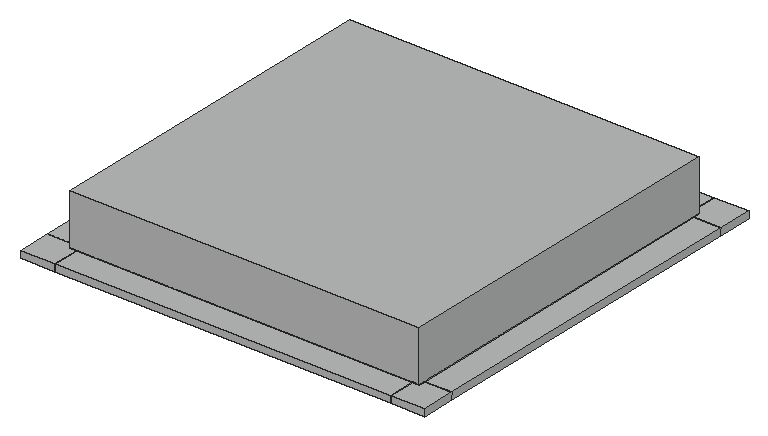
Revit family "ALUMOGIPS", category Осветительные приборы, Revit 2019 (continued)
Types (72, lengths in mm): name | Файл фотометрической сетки | built-in parameter 1150105 | Lumens | built-in parameter 1150106 | built-in parameter 1150142 | Wattage | Emit from Rectangle Width | Emit from Rectangle Length | Длина | Материал светильника | Ширина | ADSK_Ток | ADSK_Полная мощность | ADSK_Обозначение | ADSK_Номинальная мощность | ADSK_Наименование | ADSK_Масса | ADSK_Код изделия
     0.098 0.098 0.098 0.098 0.098 0.098 0.098 0.000 0.000 0.000 0.000 \r\n1417.637 1418.525 1416.551 1412.506 1405.994 1396.621 1384.781 1369.783 1352.419 1332.587 1311.077 1287.003 1261.053 1233.427 1203.827 1172.549 1139.497 1104.963 \r\n1069.345 1032.345 994.260 954.892 914.932 873.887 832.152 789.824 747.101 704.082 660.176 616.565 572.462 527.864 484.254 439.855 395.849 352.337 309.714 268.076 227.722 188.157 \r\n148.295 112.578 78.933 47.360 19.042 0.592 0.592 0.493 0.493 0.493 0.493 0.493 0.493 0.493 0.493 0.395 0.395 0.395 0.395 0.395 0.395 0.395 0.395 0.296 0.296 0.296 0.296 0.296 0.296 0.296 0.296 0.197 \r\n0.197 0.197 0.197 0.197 0.197 0.197 0.197 0.098 0.098 0.098 0.098 0.098 0.098 0.098 0.098 0.000 0.000 0.000 0.000 \r\n1417.637 1418.525 1416.453 1412.309 1405.796 1396.325 1384.485 1369.388 1352.024 1332.192 1310.584 1286.509 1260.560 1232.835 1203.235 1171.958 1138.905 1104.371 \r\n1068.654 1031.655 993.569 954.202 914.143 873.098 831.460 789.133 746.410 703.392 659.485 615.874 571.870 527.273 483.662 439.262 395.257 351.844 309.319 267.583 227.229 187.762 \r\n148.000 112.282 78.637 47.163 18.845 0.592 0.592 0.493 0.493 0.493 0.493 0.493 0.493 0.493 0.493 0.395 0.395 0.395 0.395 0.395 0.395 0.395 0.395 0.296 0.296 0.296 0.296 0.296 0.296 0.296 0.296 0.197 \r\n0.197 0.197 0.197 0.197 0.197 0.197 0.197 0.098 0.098 0.098 0.098 0.098 0.098 0.098 0.098 0.000 0.000 0.000 0.000 \r\n1417.637 1418.426 1416.354 1412.211 1405.501 1396.029 1384.090 1369.093 1351.629 1331.797 1310.189 1286.016 1259.968 1232.341 1202.643 1171.366 1138.214 1103.680 \r\n1068.062 1030.964 992.878 953.511 913.452 872.407 830.770 788.442 745.818 702.799 658.893 615.283 571.179 526.680 483.070 438.769 394.763 351.350 308.826 267.188 226.834 187.466 \r\n147.703 111.987 78.440 46.866 18.648 0.592 0.592 0.493 0.493 0.493 0.493 0.493 0.493 0.493 0.493 0.395 0.395 0.395 0.395 0.395 0.395 0.395 0.395 0.296 0.296 0.296 0.296 0.296 0.296 0.296 0.296 0.197 \r\n0.197 0.197 0.197 0.197 0.197 0.197 0.197 0.098 0.098 0.098 0.098 0.098 0.098 0.098 0.098 0.000 0.000 0.000 0.000 \r\n1417.637 1418.426 1416.255 1412.013 1405.303 1395.831 1383.794 1368.698 1351.234 1331.304 1309.696 1285.522 1259.474 1231.750 1202.051 1170.675 1137.622 1103.089 \r\n1067.372 1030.273 992.188 952.820 912.762 871.716 830.079 787.751 745.127 702.109 658.202 614.593 570.587 526.088 482.478 438.177 394.171 350.857 308.332 266.793 226.439 187.071 \r\n147.309 111.690 78.144 46.670 18.451 0.592 0.592 0.493 0.493 0.493 0.493 0.493 0.493 0.493 0.493 0.395 0.395 0.395 0.395 0.395 0.395 0.395 0.395 0.296 0.296 0.296 0.296 0.296 0.296 0.296 0.296 0.197 \r\n0.197 0.197 0.197 0.197 0.197 0.197 0.197 0.098 0.098 0.098 0.098 0.098 0.098 0.098 0.098 0.000 0.000 0.000 0.000 \r\n1417.637 1418.327 1416.156 1411.816 1405.106 1395.535 1383.498 1368.304 1350.839 1330.909 1309.203 1285.029 1258.981 1231.256 1201.459 1170.083 1137.030 1102.398 \r\n1066.680 1029.681 991.497 952.129 912.071 871.026 829.388 787.061 744.437 701.418 657.512 613.901 569.995 525.398 481.886 437.585 393.678 350.364 307.938 266.300 226.044 186.676 \r\n147.012 111.493 77.848 46.472 18.154 0.592 0.592 0.493 0.493 0.493 0.493 0.493 0.493 0.493 0.493 0.395 0.395 0.395 0.395 0.395 0.395 0.395 0.395 0.296 0.296 0.296 0.296 0.296 0.296 0.296 0.296 0.197 \r\n0.197 0.197 0.197 0.197 0.197 0.197 0.197 0.098 0.098 0.098 0.098 0.098 0.098 0.098 0.098 0.000 0.000 0.000 0.000 \r\n1417.637 1418.327 1416.058 1411.716 1404.810 1395.240 1383.202 1367.909 1350.445 1330.514 1308.808 1284.536 1258.488 1230.664 1200.867 1169.491 1136.339 1101.806 \r\n1066.089 1028.991 990.807 951.438 911.381 870.335 828.698 786.370 743.746 700.728 656.920 613.310 569.304 524.806 481.294 437.091 393.185 349.871 307.444 265.905 225.650 186.381 \r\n146.717 111.197 77.650 46.176 17.957 0.592 0.592 0.493 0.493 0.493 0.493 0.493 0.493 0.493 0.493 0.395 0.395 0.395 0.395 0.395 0.395 0.395 0.395 0.296 0.296 0.296 0.296 0.296 0.296 0.296 0.296 0.197 \r\n0.197 0.197 0.197 0.197 0.197 0.197 0.197 0.098 0.098 0.098 0.098 0.098 0.098 0.098 0.098 0.000 0.000 0.000 0.000 \r\n1417.637 1418.229 1415.960 1411.519 1404.613 1394.943 1382.807 1367.612 1350.051 1330.119 1308.315 1284.043 1257.896 1230.072 1200.275 1168.899 1135.748 1101.116 \r\n1065.398 1028.300 990.115 950.748 910.689 869.644 828.007 785.679 743.056 700.037 656.229 612.619 568.713 524.214 480.702 436.499 392.593 349.377 306.951 265.511 225.255 185.986 \r\n146.421 110.901 77.355 45.978 17.759 0.592 0.592 0.493 0.493 0.493 0.493 0.493 0.493 0.493 0.493 0.395 0.395 0.395 0.395 0.395 0.395 0.395 0.395 0.296 0.296 0.296 0.296 0.296 0.296 0.296 0.296 0.197 \r\n0.197 0.197 0.197 0.197 0.197 0.197 0.197 0.098 0.098 0.098 0.098 0.098 0.098 0.098 0.098 0.000 0.000 0.000 0.000 \r\n1417.637 1418.229 1415.861 1411.421 1404.415 1394.746 1382.512 1367.219 1349.656 1329.626 1307.821 1283.549 1257.403 1229.579 1199.782 1168.209 1135.155 1100.523 \r\n1064.708 1027.609 989.425 950.057 909.998 868.855 827.317 784.989 742.365 699.347 655.538 611.928 568.021 523.622 480.110 436.006 392.100 348.884 306.556 265.017 224.860 185.591 \r\n146.026 110.605 77.157 45.781 17.464 0.592 0.592 0.493 0.493 0.493 0.493 0.493 0.493 0.493 0.493 0.395 0.395 0.395 0.395 0.395 0.395 0.395 0.395 0.296 0.296 0.296 0.296 0.296 0.296 0.296 0.296 0.197 \r\n0.197 0.197 0.197 0.197 0.197 0.197 0.197 0.098 0.098 0.098 0.098 0.098 0.098 0.098 0.098 0.000 0.000 0.000 0.000 \r\n1417.637 1418.130 1415.762 1411.223 1404.218 1394.450 1382.216 1366.824 1349.261 1329.231 1307.427 1283.056 1256.910 1228.987 1199.190 1167.616 1134.563 1099.833 \r\n1064.016 1026.918 988.833 949.367 909.308 868.165 826.625 784.298 741.674 698.656 654.946 611.336 567.430 523.030 479.518 435.414 391.606 348.391 306.063 264.623 224.465 185.196 \r\n145.730 110.309 76.861 45.485 17.266 0.592 0.592 0.493 0.493 0.493 0.493 0.493 0.493 0.493 0.493 0.395 0.395 0.395 0.395 0.395 0.395 0.395 0.395 0.296 0.296 0.296 0.296 0.296 0.296 0.296 0.296 0.197 \r\n0.197 0.197 0.197 0.197 0.197 0.197 0.197 0.098 0.098 0.098 0.098 0.098 0.098 0.098 0.098 0.000 0.000 0.000 0.000 \r\n1417.637 1418.130 1415.565 1411.026 1403.922 1394.154 1381.919 1366.527 1348.866 1328.837 1306.933 1282.563 1256.416 1228.494 1198.597 1167.024 1133.873 1099.241 \r\n1063.425 1026.228 988.143 948.676 908.519 867.474 825.935 783.608 740.983 698.064 654.256 610.646 566.739 522.438 478.926 434.822 391.014 347.897 305.569 264.229 224.072 184.901 \r\n145.434 110.013 76.565 45.288 17.069 0.592 0.592 0.493 0.493 0.493 0.493 0.493 0.493 0.493 0.493 0.395 0.395 0.395 0.395 0.395 0.395 0.395 0.395 0.296 0.296 0.296 0.296 0.296 0.296 0.296 0.296 0.197 \r\n0.197 0.197 0.197 0.197 0.197 0.197 0.197 0.098 0.098 0.098 0.098 0.098 0.098 0.098 0.098 0.000 0.000 0.000 0.000 \r\n1417.637 1418.031 1415.466 1410.928 1403.725 1393.858 1381.524 1366.133 1348.472 1328.443 1306.440 1282.070 1255.824 1227.901 1198.006 1166.433 1133.280 1098.550 \r\n1062.735 1025.537 987.451 947.887 907.829 866.784 825.244 782.916 740.293 697.373 653.565 610.053 566.147 521.747 478.334 434.328 390.521 347.404 305.175 263.735 223.677 184.506 \r\n145.039 109.717 76.368 44.992 16.871 0.592 0.592 0.493 0.493 0.493 0.493 0.493 0.493 0.493 0.493 0.395 0.395 0.395 0.395 0.395 0.395 0.395 0.395 0.296 0.296 0.296 0.296 0.296 0.296 0.296 0.296 0.197 \r\n0.197 0.197 0.197 0.197 0.197 0.197 0.197 0.098 0.098 0.098 0.098 0.098 0.098 0.098 0.098 0.000 0.000 0.000 0.000 \r\n1417.637 1418.031 1415.368 1410.730 1403.527 1393.562 1381.229 1365.738 1348.077 1327.949 1306.045 1281.575 1255.331 1227.310 1197.414 1165.841 1132.689 1097.958 \r\n1062.043 1024.846 986.761 947.196 907.137 866.092 824.554 782.226 739.602 696.683 652.973 609.363 565.456 521.155 477.742 433.737 390.028 346.910 304.681 263.341 223.282 184.111 \r\n144.743 109.421 76.072 44.794 16.576 0.592 0.592 0.493 0.493 0.493 0.493 0.493 0.493 0.493 0.493 0.395 0.395 0.395 0.395 0.395 0.395 0.395 0.395 0.296 0.296 0.296 0.296 0.296 0.296 0.296 0.296 0.197 \r\n0.197 0.197 0.197 0.197 0.197 0.197 0.197 0.098 0.098 0.098 0.098 0.098 0.098 0.098 0.098 0.000 0.000 0.000 0.000 \r\n1417.637 1417.932 1415.268 1410.533 1403.232 1393.365 1380.933 1365.443 1347.682 1327.555 1305.552 1281.082 1254.837 1226.816 1196.821 1165.150 1131.998 1097.267 \r\n1061.452 1024.254 986.070 946.506 906.447 865.401 823.863 781.535 738.912 695.991 652.282 608.672 564.864 520.563 477.150 433.145 389.436 346.417 304.287 262.946 222.887 183.815 \r\n144.448 109.125 75.874 44.597 16.378 0.592 0.592 0.493 0.493 0.493 0.493 0.493 0.493 0.493 0.493 0.395 0.395 0.395 0.395 0.395 0.395 0.395 0.395 0.296 0.296 0.296 0.296 0.296 0.296 0.296 0.296 0.197 \r\n0.197 0.197 0.197 0.197 0.197 0.197 0.197 0.098 0.098 0.098 0.098 0.098 0.098 0.098 0.098 0.000 0.000 0.000 0.000 \r\n1417.637 1417.932 1415.170 1410.434 1403.034 1393.069 1380.636 1365.048 1347.287 1327.160 1305.157 1280.589 1254.344 1226.225 1196.230 1164.558 1131.406 1096.675 \r\n1060.761 1023.564 985.380 945.815 905.756 864.613 823.173 780.845 738.221 695.301 651.592 608.080 564.174 519.971 476.558 432.652 388.943 345.924 303.794 262.453 222.492 183.420 \r\n144.151 108.829 75.579 44.301 16.181 0.592 0.592 0.493 0.493 0.493 0.493 0.493 0.493 0.493 0.493 0.395 0.395 0.395 0.395 0.395 0.395 0.395 0.395 0.296 0.296 0.296 0.296 0.296 0.296 0.296 0.296 0.197 \r\n0.197 0.197 0.197 0.197 0.197 0.197 0.197 0.098 0.098 0.098 0.098 0.098 0.098 0.098 0.098 0.000 0.000 0.000 0.000 \r\n1417.637 1417.834 1415.071 1410.237 1402.837 1392.772 1380.243 1364.653 1346.892 1326.765 1304.664 1280.096 1253.752 1225.730 1195.638 1163.965 1130.814 1095.984 \r\n1060.071 1022.873 984.689 945.124 905.066 863.922 822.482 780.154 737.531 694.610 651.000 607.390 563.581 519.379 475.966 432.059 388.350 345.431 303.300 262.058 222.098 183.026 \r\n143.757 108.533 75.282 44.104 15.983 0.592 0.592 0.493 0.493 0.493 0.493 0.493 0.493 0.493 0.493 0.395 0.395 0.395 0.395 0.395 0.395 0.395 0.395 0.296 0.296 0.296 0.296 0.296 0.296 0.296 0.296 0.197 \r\n0.197 0.197 0.197 0.197 0.197 0.197 0.197 0.098 0.098 0.098 0.098 0.098 0.098 0.098 0.098 0.000 0.000 0.000 0.000 \r\n1417.637 1417.834 1414.973 1410.138 1402.541 1392.477 1379.946 1364.258 1346.499 1326.272 1304.171 1279.603 1253.259 1225.139 1195.045 1163.374 1130.123 1095.393 \r\n1059.478 1022.183 983.999 944.433 904.375 863.231 821.792 779.464 736.840 693.920 650.309 606.699 562.891 518.787 475.374 431.566 387.857 344.937 302.906 261.663 221.703 182.730 \r\n143.461 108.237 75.085 43.906 15.688 0.592 0.592 0.493 0.493 0.493 0.493 0.493 0.493 0.493 0.493 0.395 0.395 0.395 0.395 0.395 0.395 0.395 0.395 0.296 0.296 0.296 0.296 0.296 0.296 0.296 0.296 0.197 \r\n0.197 0.197 0.197 0.197 0.197 0.197 0.197 0.098 0.098 0.098 0.098 0.098 0.098 0.098 0.098 0.000 0.000 0.000 0.000 \r\n1417.637 1417.736 1414.874 1409.940 1402.344 1392.181 1379.650 1363.962 1346.104 1325.877 1303.776 1279.109 1252.766 1224.547 1194.454 1162.782 1129.531 1094.702 \r\n1058.788 1021.492 983.308 943.742 903.684 862.540 821.100 778.773 736.148 693.327 649.618 606.107 562.298 518.096 474.782 430.974 387.364 344.444 302.412 261.170 221.308 182.335 \r\n143.165 108.040 74.789 43.611 15.490 0.592 0.592 0.493 0.493 0.493 0.493 0.493 0.493 0.493 0.493 0.395 0.395 0.395 0.395 0.395 0.395 0.395 0.395 0.296 0.296 0.296 0.296 0.296 0.296 0.296 0.296 0.197 \r\n0.197 0.197 0.197 0.197 0.197 0.197 0.197 0.098 0.098 0.098 0.098 0.098 0.098 0.098 0.098 0.000 0.000 0.000 0.000 \r\n1417.637 1417.736 1414.775 1409.743 1402.146 1391.984 1379.355 1363.568 1345.709 1325.482 1303.283 1278.616 1252.272 1224.054 1193.862 1162.091 1128.940 1094.110 \r\n1058.097 1020.801 982.617 943.052 902.994 861.850 820.410 778.082 735.458 692.637 649.027 605.416 561.608 517.504 474.190 430.383 386.772 343.951 301.918 260.775 220.913 181.941 \r\n142.770 107.743 74.592 43.413 15.293 0.592 0.592 0.493 0.493 0.493 0.493 0.493 0.493 0.493 0.493 0.395 0.395 0.395 0.395 0.395 0.395 0.395 0.395 0.296 0.296 0.296 0.296 0.296 0.296 0.296 0.296 0.197 \r\n0.197 0.197 0.197 0.197 0.197 0.197 0.197 0.098 0.098 0.098 0.098 0.098 0.098 0.098 0.098 0.000 0.000 0.000 0.000 \r\n1417.637 1417.637 1414.677 1409.645 1401.851 1391.688 1378.960 1363.173 1345.314 1325.088 1302.790 1278.123 1251.680 1223.461 1193.269 1161.499 1128.249 1093.518 \r\n1057.406 1020.110 981.926 942.361 902.204 861.159 819.719 777.391 734.867 691.946 648.335 604.726 561.017 516.913 473.598 429.888 386.279 343.458 301.524 260.380 220.519 181.644 \r\n142.474 107.448 74.296 43.216 15.096 0.592 0.592 0.493 0.493 0.493 0.493 0.493 0.493 0.493 0.493 0.395 0.395 0.395 0.395 0.395 0.395 0.395 0.395 0.296 0.296 0.296 0.296 0.296 0.296 0.296 0.296 0.197 \r\n0.197 0.197 0.197 0.197 0.197 0.197 0.197 0.098 0.098 0.098 0.098 0.098 0.098 0.098 0.098 0.000 0.000 0.000 0.000 \r\n1417.637 1417.637 1414.578 1409.447 1401.653 1391.391 1378.663 1362.877 1344.920 1324.693 1302.395 1277.630 1251.187 1222.968 1192.678 1160.908 1127.657 1092.827 \r\n1056.814 1019.419 981.236 941.671 901.514 860.369 819.028 776.701 734.175 691.256 647.645 604.133 560.326 516.320 473.006 429.297 385.785 342.963 301.030 259.887 220.125 181.249 \r\n142.178 107.152 74.099 42.920 14.800 0.592 0.592 0.493 0.493 0.493 0.493 0.493 0.493 0.493 0.493 0.395 0.395 0.395 0.395 0.395 0.395 0.395 0.395 0.296 0.296 0.296 0.296 0.296 0.296 0.296 0.296 0.197 \r\n0.197 0.197 0.197 0.197 0.197 0.197 0.197 0.098 0.098 0.098 0.098 0.098 0.098 0.098 0.098 0.000 0.000 0.000 0.000 \r\n1417.637 1417.538 1414.480 1409.250 1401.456 1391.096 1378.367 1362.482 1344.525 1324.200 1301.902 1277.136 1250.693 1222.376 1192.184 1160.315 1127.064 1092.235 \r\n1056.124 1018.828 980.545 940.980 900.823 859.679 818.338 776.010 733.485 690.565 647.054 603.443 559.734 515.728 472.414 428.705 385.193 342.470 300.537 259.492 219.730 180.856 \r\n141.882 106.855 73.802 42.723 14.602 0.592 0.592 0.493 0.493 0.493 0.493 0.493 0.493 0.493 0.493 0.395 0.395 0.395 0.395 0.395 0.395 0.395 0.395 0.296 0.296 0.296 0.296 0.296 0.296 0.296 0.296 0.197 \r\n0.197 0.197 0.197 0.197 0.197 0.197 0.197 0.098 0.098 0.098 0.098 0.098 0.098 0.098 0.098 0.000 0.000 0.000 0.000 \r\n1417.637 1417.538 1414.380 1409.152 1401.258 1390.898 1378.072 1362.087 1344.130 1323.805 1301.408 1276.643 1250.200 1221.784 1191.593 1159.625 1126.374 1091.545 \r\n1055.433 1018.137 979.855 940.290 900.133 858.988 817.647 775.221 732.794 689.875 646.362 602.851 559.043 515.137 471.822 428.212 384.700 341.977 300.142 259.097 219.335 180.559 \r\n141.487 106.560 73.506 42.525 14.405 0.592 0.592 0.493 0.493 0.493 0.493 0.493 0.493 0.493 0.493 0.395 0.395 0.395 0.395 0.395 0.395 0.395 0.395 0.296 0.296 0.296 0.296 0.296 0.296 0.296 0.296 0.197 \r\n0.197 0.197 0.197 0.197 0.197 0.197 0.197 0.098 0.098 0.098 0.098 0.098 0.098 0.098 0.098 0.000 0.000 0.000 0.000 \r\n1417.637 1417.439 1414.282 1408.954 1400.963 1390.603 1377.677 1361.792 1343.735 1323.410 1301.014 1276.149 1249.608 1221.291 1191.000 1159.032 1125.782 1090.953 \r\n1054.841 1017.446 979.164 939.500 899.442 858.298 816.957 774.530 732.103 689.184 645.672 602.160 558.451 514.446 471.230 427.619 384.108 341.484 299.649 258.604 218.940 180.165 \r\n141.191 106.264 73.309 42.229 14.208 0.592 0.592 0.493 0.493 0.493 0.493 0.493 0.493 0.493 0.493 0.395 0.395 0.395 0.395 0.395 0.395 0.395 0.395 0.296 0.296 0.296 0.296 0.296 0.296 0.296 0.296 0.197 \r\n0.197 0.197 0.197 0.197 0.197 0.197 0.197 0.098 0.098 0.098 0.098 0.098 0.098 0.098 0.098 0.000 0.000 0.000 0.000 \r\n1417.637 1417.439 1414.183 1408.855 1400.765 1390.306 1377.381 1361.397 1343.341 1323.015 1300.520 1275.656 1249.114 1220.699 1190.408 1158.440 1125.190 1090.262 \r\n1054.151 1016.755 978.473 938.809 898.750 857.607 816.266 773.839 731.413 688.592 645.080 601.469 557.859 513.854 470.638 427.126 383.615 340.990 299.254 258.209 218.546 179.770 \r\n140.896 105.967 73.013 42.031 13.912 0.592 0.592 0.493 0.493 0.493 0.493 0.493 0.493 0.493 0.493 0.395 0.395 0.395 0.395 0.395 0.395 0.395 0.395 0.296 0.296 0.296 0.296 0.296 0.296 0.296 0.296 0.197 \r\n0.197 0.197 0.197 0.197 0.197 0.197 0.197 0.098 0.098 0.098 0.098 0.098 0.098 0.098 0.098 0.000 0.000 0.000 0.000 \r\n1417.637 1417.341 1414.085 1408.658 1400.568 1390.010 1377.085 1361
